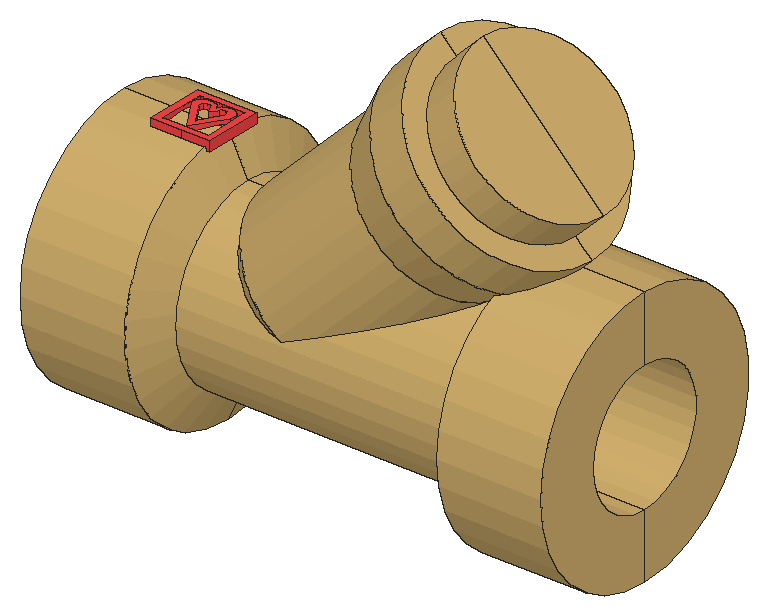
Revit family "Strainers 2662", category Rohrzubehör, Revit 2018
Family settings
  Bemaßung runder Anschluss = Durchmesser verwenden
  Teiletyp = Unterbricht
  OmniClass-Nummer = 23.65.55.14
  OmniClass-Titel = Valves for Liquid Services
  Arbeitsebenenbasiert = Nein
  Immer vertikal = Ja
  Beim Laden mit Abzugskörper schneiden = Nein
  Gemeinsam genutzt = Nein
Parameters
  min. Operating temperature (Water) = 0.5 °C  # constant formula
  min. Operating temperature = -30 °C  # constant formula
  max. Operating temperature (water) = 95 °C  # constant formula
  max. Operating temperature = 130 °C  # constant formula
  max. Operating pressure = 2500000.0 Pa  # constant formula
  Internal thread = "acc. to ISO 228-1"  # constant formula
  W01 = 45.00°  # constant formula
  URL = "www.herzvalves.com"
  SCTWSEQ = "AW;SBT_TYP=\"112\";2"
  SCTWCODE = "04;16;02"  # constant formula
  Part number [instance] = size_lookup("2662_", "Artnr", 0, Nennweite)  # 1266202
  Closing plug = "forged brass acc. to EN 12420, CW617N"  # constant formula
  Sieve = "stainless steel, single, meshed perforation 0,5mm"  # constant formula
  SW01 [instance] = size_lookup("2662_", "SW1", 12.000 mm, Nennweite)  # 13.000 mm
  SCRNSEQ = "AWI;AWI_TYP=\"1011\";2"
  SCRNCODE = "05;15;02"  # constant formula
  S01 [instance] = R01 * 2  # 40.000 mm
  R07 [instance] = size_lookup("2662_", "R7", 13.000 mm, Nennweite)  # 16.500 mm
  R06 [instance] = size_lookup("2662_", "R6", 11.500 mm, Nennweite)  # 14.000 mm
  R05 [instance] = Nennweite / 2  # 10.000 mm
  R03 [instance] = size_lookup("2662_", "R3", 11.500 mm, Nennweite)  # 14.000 mm
  R02 [instance] = Nennweite / 2  # 10.000 mm
  R01 [instance] = (Nennweite / 2) + 10.000 mm  # 20.000 mm
  Nennweite [instance] = 20.000 mm
  Medium = "heating water quality according to ÖNORM H5195 or VDI-Standard 2035.\r\nthe use of ethylene or propylene glycol in a mixing ratio 25- 50% is allowed.\r\nplease refer to manufacturers documentation when using ethylene glycol products for frost and corrosion protection.\r\nHERZ ball valve for heating and chilled water is not suitable for usage of agressive medium (such as: acids, alkalis, combustible and explosive gases) because it can destroy sealing components."
  L16 [instance] = L03 / 2  # 7.750 mm
  L15 [instance] = R01 - 1.000 mm  # 19.000 mm
  L14 [instance] = L06 - L08  # 8.000 mm
  L11 [instance] = size_lookup("2662_", "L11", 4.500 mm, Nennweite)  # 6.000 mm
  L09 [instance] = size_lookup("2662_", "L9", 9.000 mm, Nennweite)  # 7.000 mm
  L08 [instance] = size_lookup("2662_", "L8", 23.500 mm, Nennweite)  # 32.000 mm
  L07 [instance] = size_lookup("2662_", "L7", 11.000 mm, Nennweite)  # 13.000 mm
  L06 [instance] = size_lookup("2662_", "L6", 36.500 mm, Nennweite) - L09  # 40.000 mm
  L03 [instance] = size_lookup("2662_", "L3", 15.000 mm, Nennweite)  # 15.500 mm
  L02 [instance] = size_lookup("2662_", "L2", 14.000 mm, Nennweite)  # 21.000 mm
  L01 [instance] = size_lookup("2662_", "L1", 17.000 mm, Nennweite)  # 16.000 mm
  L00 [instance] = size_lookup("2662_", "L", 68.000 mm, Nennweite)  # 80.000 mm
  Hersteller = "Herz-Armaturen GmbH"  # constant formula
  Body (DN50) = "cast brass acc. to EN 1982; CC770S"  # constant formula
  Body (DN15 until DN40) = "forged brass acc. to EN 12420, CW617N"  # constant formula
  Plug seals = "EPDM"  # constant formula
  Application = "strainers are installed in pipes to protect the finely machined valve seats from particles.\r\nfield of application are building services, such as in heating or chilled water units for air conditioning in buildings.\r\nEPDM sealings can be destroyed by organic hydro carbons, which are occurring in natural gas, mineral oil or lubricants."
Reference planes
  plane 1 "Mitte (Vorne/hinten)": y = 0
  plane 2: z = 0
  plane 3 "Mitte (Links/rechts)": x = 0
Forms (mm)
  Revolve 1, solid, material "Messing", detail levels fine
    sketch origin (470, 0, 0) x (1, 0, 0) y (0, 0, 1)
      loop
        line (-510, 10) -> (-494.5, 10) -> (-494.5, 0) -> (-445.5, 0) -> (-445.5, 10) -> (-430, 10) -> (-430, 20) -> (-446, 20) -> (-449, 14) -> (-491, 14) -> (-494, 20) -> (-510, 20) -> (-510, 10)
      axis (-510, 0) -> (-430, 0)
    angle from 0 to 360
  Revolve 2, solid, material "Messing", detail levels fine
    sketch origin (0.32, 0, -0.105) x (1, 0, 0) y (0, 0, 1)
      loop
        line (-13.32, 0) -> (24.157, 37.477) -> (14.964, 46.669) -> (10.722, 42.426) -> (8.247, 44.901) -> (3.297, 39.952) -> (-0.592, 32.527) -> (-17.563, 15.556) -> (-20.391, 7.071) -> (-13.32, 0)
      axis (-13.32, 0) -> (24.157, 37.477)
    angle from 0 to 360
Lines and regions (mm)
  model lines, detail levels coarse+medium
    curve 1: line (-40, 0, 20) -> (40, 0, 20)
    curve 2: line (-40, 0, -20) -> (-40, 0, 20)
    curve 3: line (40, 0, -20) -> (-40, 0, -20)
    curve 4: line (40, 0, 20) -> (40, 0, -20)
    curve 6: line (-40, 20, 0) -> (40, 20, 0)
    curve 7: line (-40, -20, 0) -> (-40, 20, 0)
    curve 8: line (40, -20, 0) -> (-40, -20, 0)
    curve 9: line (40, 20, 0) -> (40, -20, 0)
    curve 10: line (40, -20, 0) -> (-40, 20, 0)
  symbolic lines, style "PipeAccessory"
    curve 5: line (40, 0, -20) -> (-40, 0, 20)
Dimensions and locks
  "L00": Revolve 1 sketch curve to Revolve 1 sketch curve
  equal spacing: Revolve 1 sketch curve, plane 3 "Mitte (Links/rechts)", Revolve 1 sketch curve
  "R01": Revolve 1 sketch curve to Revolve 1 sketch curve  (x2)
  "R02": Revolve 1 sketch curve to Revolve 1 sketch curve  (x2)
  "L01": Revolve 1 sketch curve to Revolve 1 sketch curve  (x2)
  "L02": plane 3 "Mitte (Links/rechts)" to Revolve 1 sketch curve
  "L02": Revolve 1 sketch curve to plane 3 "Mitte (Links/rechts)"
  "R03": Revolve 1 sketch curve to Revolve 1 sketch curve
  "L03": Revolve 1 sketch curve to Revolve 1 sketch curve  (x2)
  "L11": Revolve 2 sketch curve to Revolve 2 sketch curve
  "L07": plane 3 "Mitte (Links/rechts)" to Revolve 2 sketch curve  (x2)
  "R05": Revolve 2 sketch curve to Revolve 2 sketch curve
  "L06": Revolve 2 sketch curve to Revolve 2 sketch curve
  "L08": Revolve 2 sketch curve to Revolve 2 sketch curve
  "R06": Revolve 2 sketch curve to Revolve 2 sketch curve
  "L14": Revolve 2 sketch curve to Revolve 2 sketch curve
  "L15": nested 1 to plane 2
  "L16": Revolve 1 to nested 1
  equal spacing: curve 7, plane 3 "Mitte (Links/rechts)", curve 9
  "L00": curve 7 to curve 9
  "S01": curve 6 to curve 8
  equal spacing: curve 4, plane 3 "Mitte (Links/rechts)", curve 2
  "L00": curve 4 to curve 2
  equal spacing: curve 1, plane 2, curve 3
  "S01": curve 1 to curve 3
  equal spacing: curve 8, plane 1 "Mitte (Vorne/hinten)", curve 6
  "L09": Revolve 2 sketch curve to Revolve 2 sketch curve
  "R07": Revolve 2 sketch curve to Revolve 2 sketch curve
  "SW01": Revolve 2 sketch curve to Revolve 2 sketch curve
  "W01": angle plane 2 to Revolve 2 sketch curve
  "W01": angle level to Revolve 2 sketch curve
  aligned and locked: level to plane 2
Automatic sketch dimensions
  Revolve 1 sketch curve to level = 0.000 mm  (x2)
  Revolve 1 sketch curve to Revolve 1 sketch curve = 791.990 mm
  Revolve 1 sketch curve to Revolve 1 sketch curve = 2278.983 mm
  Revolve 2 sketch curve to level = 0.105 mm
  Revolve 2 sketch curve to Revolve 2 sketch curve = 0.000 mm
Nested families
  nested 1: "Herz-Logo" at (-27.732, 0, 19), type "Herz-Logo", detail levels fine
Connectors
  piping at (-24.5, 0, 0), diameter 20, driven by "Nennweite"
    settings: on Revolve 1, index 1, connector inside diameter 609.6 mm, connector length 0.000 mm, flow factor 0, pipe flow 0.0 L/s, pressure drop 0.0 Pa, fitting loss kfactor 0, connector angle 0.00°, fixture units 0, engagement length 0.000 mm, angle of deflection 0.00°, flow configuration 0, flow direction 0, fitting loss method 0, system type 7, joint type 0, gender type 0, connector reference index -1, connector utility 0, adjustable connector no, is connector primary yes, connector description ""
  piping at (24.5, 0, 0), diameter 20, driven by "Nennweite"
    settings: on Revolve 1, index 2, connector inside diameter 609.6 mm, connector length 0.000 mm, flow factor 0, pipe flow 0.0 L/s, pressure drop 0.0 Pa, fitting loss kfactor 0, connector angle 0.00°, fixture units 0, engagement length 0.000 mm, angle of deflection 0.00°, flow configuration 0, flow direction 0, fitting loss method 0, system type 7, joint type 0, gender type 0, connector reference index -1, connector utility 0, adjustable connector no, is connector primary no, connector description ""
Definition of nested family "Herz-Logo"
  Reference planes
    plane 1 "Mitte (Vorne/hinten)": y = 0
    plane 2: z = 0
    plane 3 "Mitte (Links/rechts)": x = 0
  Forms (mm)
    Extrusion 1, solid
      sketch origin (0, 0, 0) x (1, 0, 0) y (0, 1, 0)
        loop
          line (-0.018, -4.517) -> (4.482, -4.517) -> (4.482, 4.483) -> (-4.518, 4.483) -> (-4.518, -4.517) -> (-0.018, -4.517)
        loop
          line (-0.05, -3.48) -> (3.482, -3.48) -> (3.482, 3.483) -> (-3.518, 3.483) -> (-3.518, -3.48) -> (-0.05, -3.48)
        loop
          arc (-0.018, 2.383) -> (-1.543, 3.287) -> (-3.067, 2.383) r 1.738
          arc (-3.067, 2.383) -> (-3.191, 1.899) -> (-3.067, 1.415) r 1.009
          line (-3.067, 1.415) -> (-0.018, -3.281) -> (3.032, 1.415)
          arc (3.032, 1.415) -> (3.156, 1.899) -> (3.032, 2.383) r 1.009
          arc (3.032, 2.383) -> (1.507, 3.287) -> (-0.018, 2.383) r 1.738
        loop
          arc (1.885, 1.272) -> (2.005, 1.675) -> (1.885, 2.079) r 0.74
          arc (1.885, 2.079) -> (1.265, 2.416) -> (0.644, 2.079) r 0.74
          line (0.644, 2.079) -> (-0.018, 0.97) -> (-0.679, 2.079)
          arc (-0.679, 2.079) -> (-1.3, 2.416) -> (-1.921, 2.079) r 0.74
          arc (-1.921, 2.079) -> (-2.04, 1.675) -> (-1.921, 1.272) r 0.74
          line (-1.921, 1.272) -> (-0.018, -1.658) -> (1.885, 1.272)
      from 0 to 1.5
  Dimensions and locks
    aligned and locked: level to plane 2
